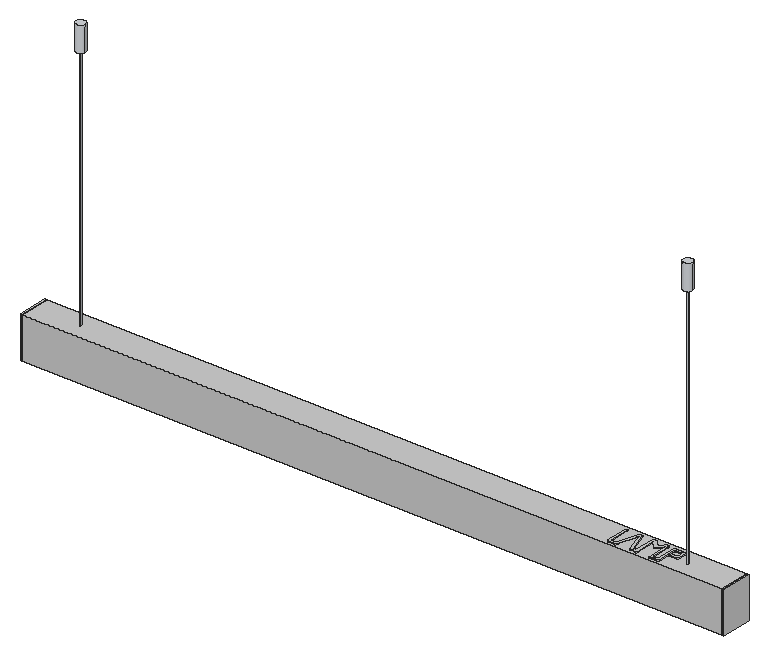
Revit family "LAMP_FIL 50 G2 PRISMATIC SUSPENDED DALI", category Luminarias, Revit 2015
Parameters (values of type "1137MM 3000LM 3000K GREY")
  Ángulo de inclinación = 90.00°
  Weight = 2.114 kg
  Type = "MID POWER TRIDONIC"
  Suspension distance [instance] = if(Suspension > 4000.00 mm, 4000.00 mm, Suspension)  # 400.00 mm
  Protection rating = "IP42, IK07"
  Product datasheet = "https://www.lamp.es/product-files/TECH/F52SF120MOPR830DG-EN.pdf"
  Product code = "F52SF120MOPR830DG"
  Product URL = "https://www.lamp.es/en/family/fil-50_33388"
  Power Supply = "220-240V 50-60Hz"
  Power = 19 W
  Plum = 21.3 W
  NO COVER 2 [instance] = not(END COVER 2)  # no
  NO COVER 1 [instance] = not(END COVER 1)  # no
  Modelo = Product code  # "F52SF120MOPR830DG"
  Model explanation = "Availability of switching between accessories through visibility parameters when placed in a project."
  Material codo = LAMP_Aluminio Perfil Fil GR
  Material Perfil = LAMP_Aluminio Perfil Fil GR
  Material Difusor = LAMP_PC Difusor Prismático Fil
  Manufacturer name = "LAMP"
  Manufacturer country = "Spain"
  Manufacturer URL = "http://www.lamp.es/en"
  MacAdam = "3"
  Luminaire type = "Indoor - Modular System"
  Last update = "11/08/2020"
  LED Lifetime = "50000 L80 B10"
  Insulation class = "II"
  Installation instructions = "https://www.lamp.es/product-files/INS/1003600-G-INSTR.%20ESTRUCTURA%20FIL%2050.pdf"
  IEE = "A++"
  Gear = "Adjustable DALI"
  Finish = "Gloss grey"
  Fabricante = Manufacturer name  # "LAMP"
  Efficacy = 91.3 lm/W
  END COVER 2 [instance] = yes
  END COVER 1 [instance] = yes
  Dimensions = "1137x50x67mm"
  Descripción = "FIL 50 G2 PRISM SUS 3000 WW DALI GR."
  Wattage = 21.3 W
  UniClass 2.0 Descripción = ""
  UniClass 2.0 Code = Product code  # "F52SF120MOPR830DG"
  UniClass 1.4 Descripción = ""
  UniClass 1.4 Code = Product code  # "F52SF120MOPR830DG"
  built-in parameter 1150110 = 1 (stored number, unit not read)
  Omniclass Descripción = ""
  OmniClass Code = ""
  Lámpara = "MID-POWER LED"
  Largo = 1137.00 mm
  IFC Clasificación = "Light Fixture"
  built-in parameter 1114217 = 1 (stored number, unit not read)
  built-in parameter 1150109 = 1 (stored number, unit not read)
  Suspension [instance] = 400.00 mm
  Comentarios de tipo = Model explanation  # "Availability of switching between accessories through visibility parameters when placed in a project."
  built-in parameter 1150134 = (empty or 0)
  built-in parameter 1150113 = 1 (stored number, unit not read)
  Lumens = 1944.69 lm
  built-in parameter 1150115 = 1 (stored number, unit not read)
  built-in parameter 1150105 = 154.75 (stored number, unit not read)
  built-in parameter 1150137 = (empty or 0)
  built-in parameter 1150139 = (empty or 0)
  built-in parameter 1150112 = 1 (stored number, unit not read)
  built-in parameter 1150114 = 1 (stored number, unit not read)
  built-in parameter 1150132 = 2
  built-in parameter 1150102 = (empty or 0)
  built-in parameter 1150138 = (empty or 0)
  built-in parameter 1150107 = 3000 (stored number, unit not read)
  built-in parameter 1150106 = 1.5475 (stored number, unit not read)
  Emit from Line Length = Largo  # 1137.00 mm
  built-in parameter 1150104 = 8.482 (stored number, unit not read)
  Dimming Lamp Color Temperature Shift = (empty or 0)
  Color Filter = 16777215
  built-in parameter 1114218 = 1 (stored number, unit not read)
  CRI = "80"
  CORNER 2 RIGHT [instance] = and(NO COVER 2, ACC CORNER 2, not(CORNER 2 LEFT))  # no
  CORNER 2 LEFT [instance] = and(NO COVER 2, ACC CORNER 2, CHANGE SIDE CORNER 2)  # no
  CORNER 1 RIGHT [instance] = and(NO COVER 1, ACC CORNER 1, not(CORNER 1 LEFT))  # no
  CORNER 1 LEFT [instance] = and(NO COVER 1, ACC CORNER 1, CHANGE SIDE CORNER 1)  # no
  CHANGE SIDE CORNER 2 [instance] = no
  CHANGE SIDE CORNER 1 [instance] = no
  Archivo de red fotométrica = "14741453.IES"
  ACC CORNER 2 [instance] = no
  ACC CORNER 1 [instance] = no
  built-in parameter 1150133 = 10 (stored number, unit not read)
Types (17, lengths in mm): name | Weight | Product datasheet | Product code | Power | Plum | Modelo | Material codo | Material Perfil | LED Lifetime | Finish | Efficacy | Dimensions | Descripción | Wattage | UniClass 2.0 Code | UniClass 1.4 Code | Largo | built-in parameter 1150134 | Lumens | built-in parameter 1150105 | built-in parameter 1150107 | built-in parameter 1150106 | Emit from Line Length | built-in parameter 1150104 | Archivo de red fotométrica
  (no name) | 2.114 kg | "https://www.lamp.es/product-files/TECH/F52SF120MOPR830DG-EN.pdf" | "F52SF120MOPR830DG" | 19 W | 21.3 W | "F52SF120MOPR830DG" | LAMP_Aluminio Perfil Fil GR | LAMP_Aluminio Perfil Fil GR | "50000 L80 B10" | "Gloss grey" | 91.3 lm/W | "1137x50x67mm" | "FIL 50 G2 PRISM SUS 3000 WW DALI GR." | 21.3 W | "F52SF120MOPR830DG" | "F52SF120MOPR830DG" | 1137.00 | (empty or 0) | 1944.69 lm | 154.75 (stored number, unit not read) | 3000 (stored number, unit not read) | 1.5475 (stored number, unit not read) | 1137.00 | 8.482 (stored number, unit not read) | "14741453.IES"
  1137MM 3000LM 3000K WHITE | 2.114 kg | "https://www.lamp.es/product-files/TECH/F52SF120MOPR830DW-EN.pdf" | "F52SF120MOPR830DW" | 19 W | 21.3 W | "F52SF120MOPR830DW" | LAMP_Aluminio Perfil Fil BL | LAMP_Aluminio Perfil Fil BL | "50000 L80 B10" | "Matt white" | 91.3 lm/W | "1137x50x67mm" | "FIL 50 G2 PRISM SUS 3000 WW DALI WH." | 21.3 W | "F52SF120MOPR830DW" | "F52SF120MOPR830DW" | 1137.00 | (empty or 0) | 1944.69 lm | 154.75 (stored number, unit not read) | 3000 (stored number, unit not read) | 1.5475 (stored number, unit not read) | 1137.00 | 8.482 (stored number, unit not read) | "14741450.ies"
  1137MM 3000LM 3000K GREY | 2.114 kg | "https://www.lamp.es/product-files/TECH/F52SF120MOPR830DG-EN.pdf" | "F52SF120MOPR830DG" | 19 W | 21.3 W | "F52SF120MOPR830DG" | LAMP_Aluminio Perfil Fil GR | LAMP_Aluminio Perfil Fil GR | "50000 L80 B10" | "Gloss grey" | 91.3 lm/W | "1137x50x67mm" | "FIL 50 G2 PRISM SUS 3000 WW DALI GR." | 21.3 W | "F52SF120MOPR830DG" | "F52SF120MOPR830DG" | 1137.00 | (empty or 0) | 1944.69 lm | 154.75 (stored number, unit not read) | 3000 (stored number, unit not read) | 1.5475 (stored number, unit not read) | 1137.00 | 8.482 (stored number, unit not read) | "14741453.IES"
  1137MM 3000LM 4000K WHITE | 2.114 kg | "https://www.lamp.es/product-files/TECH/F52SF120MOPR840DW-EN.pdf" | "F52SF120MOPR840DW" | 19 W | 21.3 W | "F52SF120MOPR840DW" | LAMP_Aluminio Perfil Fil BL | LAMP_Aluminio Perfil Fil BL | "50000 L80 B10" | "Matt white" | 96.2 lm/W | "1137x50x67mm" | "FIL 50 G2 PRISM SUS 3000 NW DALI WH." | 21.3 W | "F52SF120MOPR840DW" | "F52SF120MOPR840DW" | 1137.00 | 12 | 2049.06 lm | 163.06 (stored number, unit not read) | 4000 (stored number, unit not read) | 1.6306 (stored number, unit not read) | 1137.00 | 8.9373 (stored number, unit not read) | "14740450.ies"
  1137MM 3000LM 4000K GREY | 2.114 kg | "https://www.lamp.es/product-files/TECH/F52SF120MOPR840DG-EN.pdf" | "F52SF120MOPR840DG" | 19 W | 21.3 W | "F52SF120MOPR840DG" | LAMP_Aluminio Perfil Fil GR | LAMP_Aluminio Perfil Fil GR | "50000 L80 B10" | "Gloss grey" | 96.2 lm/W | "1137x50x67mm" | "FIL 50 G2 PRISM SUS 3000 NW DALI GR." | 21.3 W | "F52SF120MOPR840DG" | "F52SF120MOPR840DG" | 1137.00 | 12 | 2049.06 lm | 163.06 (stored number, unit not read) | 4000 (stored number, unit not read) | 1.6306 (stored number, unit not read) | 1137.00 | 8.9373 (stored number, unit not read) | "14740453.ies"
  1137MM 6000LM 3000K WHITE | 2.114 kg | "https://www.lamp.es/product-files/TECH/F52SF120HOPR830DW-EN.pdf" | "F52SF120HOPR830DW" | 37 W | 40.6 W | "F52SF120HOPR830DW" | LAMP_Aluminio Perfil Fil BL | LAMP_Aluminio Perfil Fil BL | "50000 L70 B10" | "Matt white" | 92.1 lm/W | "1137x50x67mm" | "FIL 50 G2 PRISM SUS 6000 WW DALI WH." | 40.6 W | "F52SF120HOPR830DW" | "F52SF120HOPR830DW" | 1137.00 | (empty or 0) | 3739.26 lm | 297.56 (stored number, unit not read) | 3000 (stored number, unit not read) | 2.9756 (stored number, unit not read) | 1137.00 | 8.5564 (stored number, unit not read) | "14741470.IES"
  1137MM 6000LM 3000K GREY | 2.114 kg | "https://www.lamp.es/product-files/TECH/F52SF120HOPR830DG-EN.pdf" | "F52SF120HOPR830DG" | 37 W | 40.6 W | "F52SF120HOPR830DG" | LAMP_Aluminio Perfil Fil GR | LAMP_Aluminio Perfil Fil GR | "50000 L70 B10" | "Gloss grey" | 92.1 lm/W | "1137x50x67mm" | "FIL 50 G2 PRISM SUS 6000 WW DALI GR." | 40.6 W | "F52SF120HOPR830DG" | "F52SF120HOPR830DG" | 1137.00 | (empty or 0) | 3739.26 lm | 297.56 (stored number, unit not read) | 3000 (stored number, unit not read) | 2.9756 (stored number, unit not read) | 1137.00 | 8.5564 (stored number, unit not read) | "14741473.IES"
  1137MM 6000LM 4000K WHITE | 2.114 kg | "https://www.lamp.es/product-files/TECH/F52SF120HOPR840DW-EN.pdf" | "F52SF120HOPR840DW" | 37 W | 40.6 W | "F52SF120HOPR840DW" | LAMP_Aluminio Perfil Fil BL | LAMP_Aluminio Perfil Fil BL | "50000 L70 B10" | "Matt white" | 97.1 lm/W | "1137x50x67mm" | "FIL 50 G2 PRISM SUS 6000 NW DALI WH." | 40.6 W | "F52SF120HOPR840DW" | "F52SF120HOPR840DW" | 1137.00 | 12 | 3942.26 lm | 313.72 (stored number, unit not read) | 4000 (stored number, unit not read) | 3.1372 (stored number, unit not read) | 1137.00 | 9.0209 (stored number, unit not read) | "14740470.IES"
  1137MM 6000LM 4000K GREY | 2.114 kg | "https://www.lamp.es/product-files/TECH/F52SF120HOPR840DG-EN.pdf" | "F52SF120HOPR840DG" | 37 W | 40.6 W | "F52SF120HOPR840DG" | LAMP_Aluminio Perfil Fil GR | LAMP_Aluminio Perfil Fil GR | "50000 L70 B10" | "Gloss grey" | 97.1 lm/W | "1137x50x67mm" | "FIL 50 G2 PRISM SUS 6000 NW DALI GR." | 40.6 W | "F52SF120HOPR840DG" | "F52SF120HOPR840DG" | 1137.00 | 12 | 3942.26 lm | 313.72 (stored number, unit not read) | 4000 (stored number, unit not read) | 3.1372 (stored number, unit not read) | 1137.00 | 9.0209 (stored number, unit not read) | "14740473.IES"
  1700MM 4600LM 3000K WHITE | 2.768 kg | "https://www.lamp.es/product-files/TECH/F52SF170MOPR830DW-EN.pdf" | "F52SF170MOPR830DW" | 28 W | 32.2 W | "F52SF170MOPR830DW" | LAMP_Aluminio Perfil Fil BL | LAMP_Aluminio Perfil Fil BL | "50000 L80 B10" | "Matt white" | 93.5 lm/W | "1700x50x67mm" | "FIL 50 G2 PRISM SUS 4600 WW DALI WH." | 31.2 W | "F52SF170MOPR830DW" | "F52SF170MOPR830DW" | 1700.00 | (empty or 0) | 2917.20 lm | 232.14 (stored number, unit not read) | 3000 (stored number, unit not read) | 2.3214 (stored number, unit not read) | 1700.00 | 8.6864 (stored number, unit not read) | "14741460.IES"
  1700MM 4600LM 3000K GREY | 2.768 kg | "https://www.lamp.es/product-files/TECH/F52SF170MOPR830DG-EN.pdf" | "F52SF170MOPR830DG" | 28 W | 32.2 W | "F52SF170MOPR830DG" | LAMP_Aluminio Perfil Fil GR | LAMP_Aluminio Perfil Fil GR | "50000 L80 B10" | "Gloss grey" | 93.5 lm/W | "1700x50x67mm" | "FIL 50 G2 PRISM SUS 4600 WW DALI GR." | 31.2 W | "F52SF170MOPR830DG" | "F52SF170MOPR830DG" | 1700.00 | (empty or 0) | 2917.20 lm | 232.14 (stored number, unit not read) | 3000 (stored number, unit not read) | 2.3214 (stored number, unit not read) | 1700.00 | 8.6864 (stored number, unit not read) | "14741463.IES"
  1700MM 4600LM 4000K WHITE | 2.768 kg | "https://www.lamp.es/product-files/TECH/F52SF170MOPR840DW-EN.pdf" | "F52SF170MOPR840DW" | 28 W | 32.2 W | "F52SF170MOPR840DW" | LAMP_Aluminio Perfil Fil BL | LAMP_Aluminio Perfil Fil BL | "50000 L80 B10" | "Matt white" | 98.6 lm/W | "1700x50x67mm" | "FIL 50 G2 PRISM SUS 4600 NW DALI WH." | 31.2 W | "F52SF170MOPR840DW" | "F52SF170MOPR840DW" | 1700.00 | 12 | 3076.32 lm | 244.81 (stored number, unit not read) | 4000 (stored number, unit not read) | 2.4481 (stored number, unit not read) | 1700.00 | 9.1602 (stored number, unit not read) | "14740460.IES"
  1700MM 4600LM 4000K GREY | 2.768 kg | "https://www.lamp.es/product-files/TECH/F52SF170MOPR840DG-EN.pdf" | "F52SF170MOPR840DG" | 28 W | 32.2 W | "F52SF170MOPR840DG" | LAMP_Aluminio Perfil Fil GR | LAMP_Aluminio Perfil Fil GR | "50000 L80 B10" | "Gloss grey" | 98.6 lm/W | "1700x50x67mm" | "FIL 50 G2 PRISM SUS 4600 NW DALI GR." | 31.2 W | "F52SF170MOPR840DG" | "F52SF170MOPR840DG" | 1700.00 | 12 | 3076.32 lm | 244.81 (stored number, unit not read) | 4000 (stored number, unit not read) | 2.4481 (stored number, unit not read) | 1700.00 | 9.1602 (stored number, unit not read) | "14740463.IES"
  1700MM 9200LM 3000K WHITE | 2.768 kg | "https://www.lamp.es/product-files/TECH/F52SF170HOPR830DW-EN.pdf" | "F52SF170HOPR830DW" | 55 W | 60.4 W | "F52SF170HOPR830DW" | LAMP_Aluminio Perfil Fil BL | LAMP_Aluminio Perfil Fil BL | "50000 L70 B10" | "Matt white" | 92.9 lm/W | "1700x50x67mm" | "FIL 50 G2 PRISM SUS 9200 WW DALI WH." | 60.4 W | "F52SF170HOPR830DW" | "F52SF170HOPR830DW" | 1700.00 | (empty or 0) | 5611.16 lm | 446.52 (stored number, unit not read) | 3000 (stored number, unit not read) | 4.4652 (stored number, unit not read) | 1700.00 | 8.6307 (stored number, unit not read) | "14741480.IES"
  1700MM 9200LM 3000K GREY | 2.768 kg | "https://www.lamp.es/product-files/TECH/F52SF170HOPR830DG-EN.pdf" | "F52SF170HOPR830DG" | 55 W | 60.4 W | "F52SF170HOPR830DG" | LAMP_Aluminio Perfil Fil GR | LAMP_Aluminio Perfil Fil GR | "50000 L70 B10" | "Gloss grey" | 92.9 lm/W | "1700x50x67mm" | "FIL 50 G2 PRISM SUS 9200 WW DALI GR." | 60.4 W | "F52SF170HOPR830DG" | "F52SF170HOPR830DG" | 1700.00 | (empty or 0) | 5611.16 lm | 446.52 (stored number, unit not read) | 3000 (stored number, unit not read) | 4.4652 (stored number, unit not read) | 1700.00 | 8.6307 (stored number, unit not read) | "14741483.IES"
  1700MM 9200LM 4000K WHITE | 2.768 kg | "https://www.lamp.es/product-files/TECH/F52SF170HOPR840DW-EN.pdf" | "F52SF170HOPR840DW" | 55 W | 60.4 W | "F52SF170HOPR840DW" | LAMP_Aluminio Perfil Fil BL | LAMP_Aluminio Perfil Fil BL | "50000 L70 B10" | "Matt white" | 97.9 lm/W | "1700x50x67mm" | "FIL 50 G2 PRISM SUS 9200 NW DALI WH." | 60.4 W | "F52SF170HOPR840DW" | "F52SF170HOPR840DW" | 1700.00 | 12 | 5913.16 lm | 470.55 (stored number, unit not read) | 4000 (stored number, unit not read) | 4.7055 (stored number, unit not read) | 1700.00 | 9.0952 (stored number, unit not read) | "14740480.IES"
  1700MM 9200LM 4000K GREY | 2.768 kg | "https://www.lamp.es/product-files/TECH/F52SF170HOPR840DG-EN.pdf" | "F52SF170HOPR840DG" | 55 W | 60.4 W | "F52SF170HOPR840DG" | LAMP_Aluminio Perfil Fil GR | LAMP_Aluminio Perfil Fil GR | "50000 L70 B10" | "Gloss grey" | 97.9 lm/W | "1700x50x67mm" | "FIL 50 G2 PRISM SUS 9200 NW DALI GR." | 60.4 W | "F52SF170HOPR840DG" | "F52SF170HOPR840DG" | 1700.00 | 12 | 5913.16 lm | 470.55 (stored number, unit not read) | 4000 (stored number, unit not read) | 4.7055 (stored number, unit not read) | 1700.00 | 9.0952 (stored number, unit not read) | "14740483.IES"
Reference planes
  plane 1 "Eje de origen de luz (F/P)": y = 0
  plane 2 "Techo": z = 2438.4
  plane 3 "Eje de origen de luz (I/D)": x = 0
  plane 4 "Elevación de origen de luz": z = 1931.4
  plane 5 "derecha": x = 1137
  plane 6: z = 2398.4
  plane 7 "Centro origen de luz": x = 568.5
  plane 8: z = 1998.4
Forms (mm)
  Extrusion 1, solid, material "LAMP_Aluminio Perfil Fil GR" <- "Material Perfil"
    sketch origin (0, 0, -99.116) x (0, 1, 0) y (0, 0, 1)
      loop
        line (-25.003, 2097.516) -> (-25.003, 2030.516) -> (24.997, 2030.516) -> (24.997, 2097.516) -> (-25.003, 2097.516)
    from 0 to 1137
  Extrusion 2, void
    sketch origin (0, 0, -99.116) x (0, 1, 0) y (0, 0, 1)
      loop
        line (-25.003, 2030.516) -> (25.003, 2030.516) -> (23.245, 2036.54) -> (-23.244, 2036.54) -> (-25.003, 2030.516)
    from -565 to 1137
  Extrusion 3, solid, material "LAMP_PC Difusor Prismático Fil" <- "Material Difusor"
    sketch origin (0, 0, -99.116) x (0, 1, 0) y (0, 0, 1)
      loop
        line (-22.902, 2032.507) -> (-24.052, 2030.516) -> (24.045, 2030.516) -> (22.896, 2032.507) -> (-22.902, 2032.507)
    from 0 to 1137
  Extrusion 4, solid
    sketch origin (0, 0, 0) x (1, 0, 0) y (0, 1, 0)
      loop
        circle (1062, 0) r 7.5
    from 2398.4 to 2438.4
  Extrusion 5, solid
    sketch origin (510, 0, 0) x (1, 0, 0) y (0, 1, 0)
      loop
        circle (552, 0) r 1
    from 1998.4 to 2398.4
  Extrusion 6, solid
    sketch origin (1130, 0, 0) x (-1, 0, 0) y (0, -1, 0)
      loop
        circle (1055, 0) r 7.5
    from 2398.4 to 2438.4
  Extrusion 7, solid
    sketch origin (620, 0, 0) x (-1, 0, 0) y (0, -1, 0)
      loop
        circle (545, 0) r 1
    from 1998.4 to 2398.4
  Extrusion 8, solid, material "LAMP_Aluminio Perfil Fil GR" <- "Material Perfil", visible <- "END COVER 2"
    sketch origin (0, 0, 0) x (0, 1, 0) y (0, 0, 1)
      loop
        line (24.997, 1998.4) -> (-25.003, 1998.4) -> (-25.003, 1931.4) -> (24.997, 1931.4) -> (24.997, 1998.4)
    from -3 to 0
  Extrusion 9, solid, material "LAMP_Aluminio Perfil Fil GR" <- "Material Perfil", visible <- "END COVER 1"
    sketch origin (1137, 0, 0) x (0, 1, 0) y (0, 0, 1)
      loop
        line (24.997, 1998.4) -> (-25.003, 1998.4) -> (-25.003, 1931.4) -> (24.997, 1931.4) -> (24.997, 1998.4)
    from 0 to 3
  Extrusion 10, solid, material "LAMP_Aluminio Perfil Fil GR" <- "Material Perfil"
    sketch origin (0, 0, 1931.4) x (0, -1, 0) y (1, 0, 0)
      loop
        arc (17.801, 945.858) -> (19.08, 946.387) -> (19.61, 947.666) r 1.808
        line (19.61, 947.666) -> (19.61, 958.679)
        arc (19.61, 958.679) -> (19.26, 959.771) -> (18.342, 960.457) r 1.88
        line (18.342, 960.457) -> (-13.67, 971.471) -> (18.166, 982.425)
        arc (18.166, 982.425) -> (19.029, 983.069) -> (19.357, 984.094) r 1.764
        line (19.357, 984.094) -> (19.357, 992.026)
        arc (19.357, 992.026) -> (18.839, 993.276) -> (17.589, 993.794) r 1.768
        line (17.589, 993.794) -> (-13.871, 993.794) -> (-3.912, 1003.753) -> (-13.871, 1013.713) -> (17.893, 1013.713)
        arc (17.893, 1013.713) -> (19.107, 1014.216) -> (19.61, 1015.43) r 1.717
        line (19.61, 1015.43) -> (19.61, 1027.746)
        arc (19.61, 1027.746) -> (19.066, 1029.06) -> (17.752, 1029.604) r 1.858
        line (17.752, 1029.604) -> (-12.33, 1029.604)
        arc (-12.33, 1029.604) -> (-13.6, 1030.13) -> (-14.126, 1031.4) r 1.796
        line (-14.126, 1031.4) -> (-14.126, 1039.755)
        arc (-14.126, 1039.755) -> (-13.585, 1041.063) -> (-12.277, 1041.604) r 1.849
        line (-12.277, 1041.604) -> (-5.964, 1041.604)
        arc (-5.964, 1041.604) -> (-4.664, 1041.066) -> (-4.126, 1039.767) r 1.838
        line (-4.126, 1039.767) -> (-4.126, 1032.073)
        arc (-4.126, 1032.073) -> (-2.126, 1030.073) -> (-0.126, 1032.073) r 2
        line (-0.126, 1032.073) -> (-0.126, 1043.811)
        arc (-0.126, 1043.811) -> (-0.651, 1045.079) -> (-1.919, 1045.604) r 1.793
        line (-1.919, 1045.604) -> (-16.244, 1045.604)
        arc (-16.244, 1045.604) -> (-17.575, 1045.053) -> (-18.126, 1043.722) r 1.882
        line (-18.126, 1043.722) -> (-18.126, 1027.463)
        arc (-18.126, 1027.463) -> (-17.582, 1026.149) -> (-16.268, 1025.604) r 1.858
        line (-16.268, 1025.604) -> (13.802, 1025.604)
        arc (13.802, 1025.604) -> (15.117, 1025.06) -> (15.661, 1023.745) r 1.859
        line (15.661, 1023.745) -> (15.661, 1019.631)
        arc (15.661, 1019.631) -> (15.12, 1018.324) -> (13.813, 1017.783) r 1.849
        line (13.813, 1017.783) -> (-14.444, 1017.783)
        arc (-14.444, 1017.783) -> (-18.476, 1014.881) -> (-17.007, 1010.135) r 4.253
        line (-17.007, 1010.135) -> (-10.625, 1003.753) -> (-17.007, 997.371)
        arc (-17.007, 997.371) -> (-18.476, 992.626) -> (-14.444, 989.724) r 4.253
        line (-14.444, 989.724) -> (13.361, 989.724)
        arc (13.361, 989.724) -> (15.624, 987.808) -> (14.107, 985.259) r 2.295
        line (14.107, 985.259) -> (-15.57, 975.053)
        arc (-15.57, 975.053) -> (-18.126, 971.471) -> (-15.57, 967.889) r 3.788
        line (-15.57, 967.889) -> (14.403, 957.581)
        arc (14.403, 957.581) -> (15.315, 956.901) -> (15.661, 955.818) r 1.864
        line (15.661, 955.818) -> (15.661, 951.635)
        arc (15.661, 951.635) -> (15.141, 950.378) -> (13.884, 949.858) r 1.777
        line (13.884, 949.858) -> (-16.339, 949.858)
        arc (-16.339, 949.858) -> (-18.339, 947.858) -> (-16.339, 945.858) r 2
        line (-16.339, 945.858) -> (17.801, 945.858)
    from 67 to 68
Cuts and joins
  Extrusion 2 cuts Extrusion 1
Text (mm)
  text "Any modification of the parameters and properties of the LAMP BIM models must be executed and validated by the LAMP technical department.\n\nPhone: +34 93 736 68 00\n\nE-mail: lamp@lamp.es\n\n\n\nLAMP reserves the right to modify the technical specifications of its products." at (1582.978, -344.424, 1402.121), in view "Preview"
Dimensions and locks
  equal spacing: host sketch curve, plane 3 "Eje de origen de luz (I/D)", host sketch curve
  equal spacing: host sketch curve, plane 1 "Eje de origen de luz (F/P)", host sketch curve
  host sketch curve to host sketch curve = 3048.00 mm  (x2)
  "Largo": plane 3 "Eje de origen de luz (I/D)" to plane 5 "derecha"
  locked: cut or joined group of Extrusion 1, Extrusion 2 to cut or joined group of Extrusion 1, Extrusion 2 at 67
  locked: Extrusion 3 sketch curve to imposter light at 1.991
  locked: cut or joined group of Extrusion 1, Extrusion 2 to Extrusion 2 sketch curve at 6.024
  locked: plane 2 "Techo" to plane 6 at 40
  equal spacing: plane 3 "Eje de origen de luz (I/D)", plane 7 "Centro origen de luz", plane 5 "derecha"
  "Suspension distance": plane 6 to plane 8
  locked: plane 8 to plane 4 "Elevación de origen de luz" at 67
  aligned and locked: plane 1 "Eje de origen de luz (F/P)" to imposter light
  aligned and locked: plane 4 "Elevación de origen de luz" to imposter light
  aligned and locked: plane 5 "derecha" to Extrusion 1
  aligned and locked: plane 4 "Elevación de origen de luz" to cut or joined group of Extrusion 1, Extrusion 2
  aligned and locked: plane 4 "Elevación de origen de luz" to Extrusion 3
  aligned and locked: plane 4 "Elevación de origen de luz" to Extrusion 2
  aligned and locked: plane 2 "Techo" to Extrusion 4
  aligned and locked: plane 6 to Extrusion 4
  aligned and locked: Extrusion 5 to cut or joined group of Extrusion 1, Extrusion 2
  aligned and locked: Extrusion 5 to plane 6
  aligned and locked: plane 5 "derecha" to Extrusion 3
  aligned and locked: plane 5 "derecha" to Extrusion 2
  aligned and locked: Extrusion 3 to plane 3 "Eje de origen de luz (I/D)"
  aligned and locked: cut or joined group of Extrusion 1, Extrusion 2 to plane 3 "Eje de origen de luz (I/D)"
  aligned and locked: imposter light to plane 7 "Centro origen de luz"
  aligned and locked: plane 2 "Techo" to Extrusion 6
  aligned and locked: Extrusion 6 to plane 6
  aligned and locked: plane 6 to Extrusion 7
  aligned and locked: Extrusion 7 to cut or joined group of Extrusion 1, Extrusion 2
  aligned and locked: Extrusion 8 to cut or joined group of Extrusion 1, Extrusion 2
  aligned and locked: plane 5 "derecha" to nested 1
  aligned and locked: plane 8 to cut or joined group of Extrusion 1, Extrusion 2
  aligned and locked: plane 8 to Extrusion 9  (x2)
  aligned and locked: plane 8 to nested 1
  aligned and locked: plane 8 to Extrusion 8  (x2)
  aligned and locked: nested 2 to plane 5 "derecha"
  aligned and locked: Extrusion 9 to plane 5 "derecha"
  aligned and locked: plane 8 to nested 2
  aligned and locked: nested 4 to plane 3 "Eje de origen de luz (I/D)"  (x2)
  aligned and locked: plane 3 "Eje de origen de luz (I/D)" to nested 3
  aligned and locked: plane 3 "Eje de origen de luz (I/D)" to Extrusion 8
  aligned and locked: nested 3 to plane 8
  aligned and locked: nested 4 to plane 8
  aligned and locked: Extrusion 10 to cut or joined group of Extrusion 1, Extrusion 2
Automatic sketch dimensions
  plane 4 "Elevación de origen de luz" to Extrusion 1 sketch curve = 0.00 mm
  plane 1 "Eje de origen de luz (F/P)" to Extrusion 1 sketch curve = 25.003 mm
  Extrusion 1 sketch curve to plane 1 "Eje de origen de luz (F/P)" = 24.997 mm
  Extrusion 1 sketch curve to Extrusion 1 sketch curve = 67.00 mm
  plane 4 "Elevación de origen de luz" to Extrusion 2 sketch curve = 0.00 mm
  plane 1 "Eje de origen de luz (F/P)" to Extrusion 2 sketch curve = 25.003 mm
  Extrusion 2 sketch curve to Extrusion 2 sketch curve = 1.759 mm  (x2)
  Extrusion 2 sketch curve to plane 1 "Eje de origen de luz (F/P)" = 23.245 mm
  plane 4 "Elevación de origen de luz" to Extrusion 3 sketch curve = 0.00 mm
  plane 1 "Eje de origen de luz (F/P)" to Extrusion 3 sketch curve = 24.052 mm
  Extrusion 3 sketch curve to Extrusion 3 sketch curve = 1.149 mm  (x2)
  Extrusion 3 sketch curve to plane 1 "Eje de origen de luz (F/P)" = 22.896 mm
  plane 1 "Eje de origen de luz (F/P)" to Extrusion 4 sketch curve = 0.00 mm
  Extrusion 4 sketch curve to plane 5 "derecha" = 75.00 mm
  plane 1 "Eje de origen de luz (F/P)" to Extrusion 5 sketch curve = 0.00 mm
  Extrusion 5 sketch curve to plane 5 "derecha" = 75.00 mm
  plane 1 "Eje de origen de luz (F/P)" to Extrusion 6 sketch curve = 0.00 mm
  Extrusion 6 sketch curve to plane 3 "Eje de origen de luz (I/D)" = 75.00 mm
  plane 1 "Eje de origen de luz (F/P)" to Extrusion 7 sketch curve = 0.00 mm
  Extrusion 7 sketch curve to plane 3 "Eje de origen de luz (I/D)" = 75.00 mm
  plane 4 "Elevación de origen de luz" to Extrusion 8 sketch curve = 0.00 mm
  plane 1 "Eje de origen de luz (F/P)" to Extrusion 8 sketch curve = 25.003 mm
  Extrusion 8 sketch curve to plane 1 "Eje de origen de luz (F/P)" = 24.997 mm
  Extrusion 8 sketch curve to Extrusion 8 sketch curve = 67.00 mm
  plane 4 "Elevación de origen de luz" to Extrusion 9 sketch curve = 0.00 mm
  plane 1 "Eje de origen de luz (F/P)" to Extrusion 9 sketch curve = 25.003 mm
  Extrusion 9 sketch curve to plane 1 "Eje de origen de luz (F/P)" = 24.997 mm
  Extrusion 9 sketch curve to Extrusion 9 sketch curve = 67.00 mm
  Extrusion 10 sketch curve to plane 1 "Eje de origen de luz (F/P)" = 18.126 mm
  Extrusion 10 sketch curve to plane 1 "Eje de origen de luz (F/P)" = 17.007 mm
  Extrusion 10 sketch curve to Extrusion 10 sketch curve = 0.00 mm  (x4)
  Extrusion 10 sketch curve to plane 1 "Eje de origen de luz (F/P)" = 16.339 mm
  Extrusion 10 sketch curve to Extrusion 10 sketch curve = 1.858 mm  (x2)
  Extrusion 10 sketch curve to Extrusion 10 sketch curve = 1.882 mm
  Extrusion 10 sketch curve to plane 1 "Eje de origen de luz (F/P)" = 15.57 mm
  Extrusion 10 sketch curve to Extrusion 10 sketch curve = 1.824 mm
  Extrusion 10 sketch curve to Extrusion 10 sketch curve = 2.563 mm
  Extrusion 10 sketch curve to Extrusion 10 sketch curve = 1.232 mm
  Extrusion 10 sketch curve to Extrusion 10 sketch curve = 2.118 mm  (x2)
  Extrusion 10 sketch curve to Extrusion 10 sketch curve = 0.572 mm  (x2)
  Extrusion 10 sketch curve to Extrusion 10 sketch curve = 0.669 mm
  Extrusion 10 sketch curve to Extrusion 10 sketch curve = 1.796 mm
  Extrusion 10 sketch curve to Extrusion 10 sketch curve = 1.849 mm  (x2)
  Extrusion 10 sketch curve to Extrusion 10 sketch curve = 6.382 mm  (x2)
  Extrusion 10 sketch curve to plane 1 "Eje de origen de luz (F/P)" = 5.964 mm
  Extrusion 10 sketch curve to plane 1 "Eje de origen de luz (F/P)" = 4.126 mm
  Extrusion 10 sketch curve to plane 1 "Eje de origen de luz (F/P)" = 3.912 mm
  Extrusion 10 sketch curve to Extrusion 10 sketch curve = 2.00 mm  (x2)
  Extrusion 10 sketch curve to Extrusion 10 sketch curve = 1.793 mm
  plane 1 "Eje de origen de luz (F/P)" to Extrusion 10 sketch curve = 13.361 mm
  plane 1 "Eje de origen de luz (F/P)" to Extrusion 10 sketch curve = 13.797 mm
  plane 1 "Eje de origen de luz (F/P)" to Extrusion 10 sketch curve = 13.802 mm
  Extrusion 10 sketch curve to Extrusion 10 sketch curve = 0.01 mm
  Extrusion 10 sketch curve to Extrusion 10 sketch curve = 0.087 mm
  Extrusion 10 sketch curve to Extrusion 10 sketch curve = 0.746 mm
  Extrusion 10 sketch curve to Extrusion 10 sketch curve = 0.606 mm
  Extrusion 10 sketch curve to Extrusion 10 sketch curve = 1.777 mm
  Extrusion 10 sketch curve to Extrusion 10 sketch curve = 4.228 mm
  Extrusion 10 sketch curve to Extrusion 10 sketch curve = 3.485 mm
  Extrusion 10 sketch curve to Extrusion 10 sketch curve = 3.327 mm
  Extrusion 10 sketch curve to Extrusion 10 sketch curve = 3.949 mm
  Extrusion 10 sketch curve to Extrusion 10 sketch curve = 3.917 mm
  Extrusion 10 sketch curve to Extrusion 10 sketch curve = 4.08 mm
  Extrusion 10 sketch curve to Extrusion 10 sketch curve = 0.574 mm
  Extrusion 10 sketch curve to Extrusion 10 sketch curve = 0.612 mm
  Extrusion 10 sketch curve to Extrusion 10 sketch curve = 1.764 mm
  Extrusion 10 sketch curve to Extrusion 10 sketch curve = 1.88 mm
  Extrusion 10 sketch curve to plane 5 "derecha" = 191.142 mm
  Extrusion 10 sketch curve to Extrusion 10 sketch curve = 4.184 mm
  Extrusion 10 sketch curve to Extrusion 10 sketch curve = 2.861 mm
  Extrusion 10 sketch curve to Extrusion 10 sketch curve = 18.032 mm
  Extrusion 10 sketch curve to Extrusion 10 sketch curve = 3.582 mm
  Extrusion 10 sketch curve to Extrusion 10 sketch curve = 21.969 mm
  Extrusion 10 sketch curve to Extrusion 10 sketch curve = 1.166 mm
  Extrusion 10 sketch curve to Extrusion 10 sketch curve = 2.17 mm
  Extrusion 10 sketch curve to Extrusion 10 sketch curve = 2.302 mm
  Extrusion 10 sketch curve to Extrusion 10 sketch curve = 0.184 mm  (x2)
  Extrusion 10 sketch curve to Extrusion 10 sketch curve = 4.114 mm
  Extrusion 10 sketch curve to Extrusion 10 sketch curve = 2.142 mm
  Extrusion 10 sketch curve to Extrusion 10 sketch curve = 0.673 mm
  Extrusion 10 sketch curve to Extrusion 10 sketch curve = 8.355 mm
  radius of Extrusion 4 sketch curve = 7.50 mm
  radius of Extrusion 5 sketch curve = 1.00 mm
  radius of Extrusion 6 sketch curve = 7.50 mm
  radius of Extrusion 7 sketch curve = 1.00 mm
Nested families
  nested 1: "LAMP_FIL ACC 90º WALL CORNER SUSPENDED" at (1137, -55.003, 1931.4), Material codo <- "Material codo", visible <- "CORNER 1 RIGHT", type "WHITE"
    with Material codo LAMP_Aluminio Perfil Fil GR
  nested 2: "LAMP_FIL ACC 90º WALL CORNER SUSPENDED" at (1137, 54.997, 1931.4) x (0, -1, 0) z (0, 0, 1), Material codo <- "Material codo", visible <- "CORNER 1 LEFT", type "WHITE"
    with Material codo LAMP_Aluminio Perfil Fil GR
  nested 3: "LAMP_FIL ACC 90º WALL CORNER SUSPENDED" at (0, -55.003, 1931.4) x (-1, 0, 0) z (0, 0, 1), Material codo <- "Material codo", visible <- "CORNER 2 RIGHT", type "WHITE"
    with Material codo LAMP_Aluminio Perfil Fil GR
  nested 4: "LAMP_FIL ACC 90º WALL CORNER SUSPENDED" at (0, 54.997, 1931.4) x (0, -1, 0) z (0, 0, 1), Material codo <- "Material codo", visible <- "CORNER 2 LEFT", type "WHITE"
    with Material codo LAMP_Aluminio Perfil Fil GR
Connectors
  electrical at (20, 0, 1998.4)
    settings: on Extrusion 1, index 1, voltage 240 V, apparent load 0 VA, apparent load phase1 0 VA, apparent load phase2 0 VA, apparent load phase3 0 VA, power factor 1, load classification "Iluminación", number of poles 1, system type 31, power factor state 1, is connector primary yes, connector utility no, sub classification motor no, connector description ""
Definition of nested family "LAMP_FIL ACC 90º WALL CORNER SUSPENDED"
  Parameters (values of type "GREY")
    Material codo [instance] = none
  Types (3): name
    (no name)
    WHITE
    GREY
  Reference planes
    plane 1 "Centro (Frontal/Posterior)": y = 0
    plane 2: z = 0
    plane 3 "Centro (Izquierda/Derecha)": x = 0
  Forms (mm)
    Sweep 1, solid, material <- "Material codo"
      path origin (0, 0, 0) x (1, 0, 0) y (0, 1, 0)
        loop
          line (0, 80) -> (80, 80) -> (80, 0)
      profile origin (40, 80, 0) x (0, 1, 0) y (0, 0, 1)
        loop
          line (0, 0) -> (0, 67) -> (-50, 67) -> (-50, 0) -> (0, 0)
  Dimensions and locks
    aligned and locked: level to plane 2
